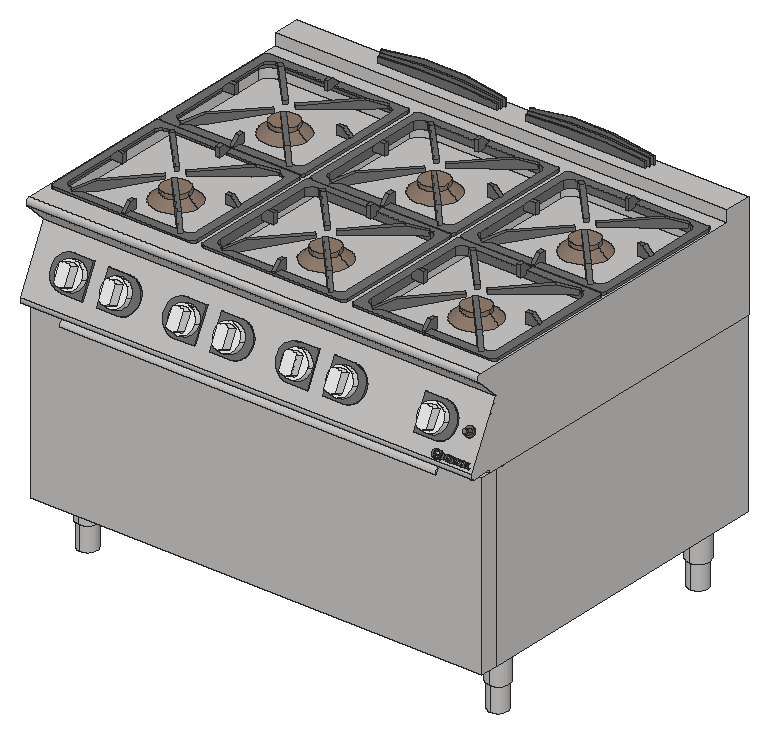
Revit family "QF_GIORIK_CG96EH", category Specialty Equipment, Revit 2014
Parameters (values of type "CG96EH")
  Weight in Pounds = 551.155
  Watts = 9000 W
  Volts = 400 V
  URL Cutsheet = "www.giorik.com"
  URL = "www.giorik.com"
  Status [instance] = ""
  Specification by User [instance] = ""
  Specification by Manufacturer = ""
  Show Logo [instance] = yes
  Show Clearance [instance] = yes
  Serial Number = ""
  Seismic Rating = ""
  SMACNA No = ""
  Revision Code [instance] = ""
  Phase = 3
  Number of Poles [instance] = 3
  NAFEM Spec ID Number = ""
  Model = "CG96EH"
  Min Ckt Ampacity = 0 A
  Mechanical Remarks [instance] = "Natural Gas"
  Mechanical Connection Type [instance] = ""
  Max Overcurrent Protection = 0 A
  Masterspec = ""
  Manufacturer = "GIORIK"
  Item Number [instance] = ""
  Installed By [instance] = ""
  Identify Quantity as Lot [instance] = no
  HP = "12.069180000000"
  Gas Size = 1"
  Gas RI Height [instance] = 0 mm
  Gas KW = 48
  Gas Input = 48000 W
  Gas Connection Height [instance] = 150 mm
  Furnished By [instance] = ""
  Foodservice Equipment Identifier [instance] = yes
  FL Amps = 0 A
  Electrical Remarks [instance] = ""
  Electric Connection Type [instance] = ""
  Elec Conn RI Height [instance] = 0 mm
  Elec Conn Connection Height [instance] = 150 mm
  Description = "6 BURNER GAS RANGE ON MAXI GAS OVEN"
  Cycle = 50 Hz
  Conn Plug = ""
  Conn Conduit [instance] = no
  CSI MasterFormat = ""
  Assembly Code = "E1090320"
  Apparent Power = 9000 VA
Reference planes
  plane 1 "Back": y = 0
  plane 2: z = 0
  plane 3 "Left": x = 0
  plane 4 "Right": x = 1200
  plane 5 "Front": y = -920
  plane 6 "Top": z = 899.988
Forms (mm)
  Extrusion 1, solid
    sketch origin (-16, 358.115, 0) x (1, 0, 0) y (0, 1, 0)
      loop
        line (25, -1086.81) -> (25, -1156.81) -> (115, -1156.81) -> (115, -1086.81) -> (25, -1086.81)
    from 148 to 150
  Revolve 2, solid
    sketch origin (54, 358.115, 0) x (0, 1, 0) y (0, 0, 1)
      loop
        line (-1092.56, 66) -> (-1092.56, 148) -> (-1121.81, 148) -> (-1121.81, 0) -> (-1096.81, 0) -> (-1096.81, 66) -> (-1092.56, 66)
      axis (-1121.81, 0) -> (-1121.81, 148)
    angle from 0 to 360
  Extrusion 3, solid
    sketch origin (-16, 1023.115, 0) x (1, 0, 0) y (0, 1, 0)
      loop
        line (25, -1086.81) -> (25, -1156.81) -> (115, -1156.81) -> (115, -1086.81) -> (25, -1086.81)
    from 148 to 150
  Revolve 4, solid
    sketch origin (54, 1023.115, 0) x (0, 1, 0) y (0, 0, 1)
      loop
        line (-1092.56, 66) -> (-1092.56, 148) -> (-1121.81, 148) -> (-1121.81, 0) -> (-1096.81, 0) -> (-1096.81, 66) -> (-1092.56, 66)
      axis (-1121.81, 0) -> (-1121.81, 148)
    angle from 0 to 360
  Extrusion 5, solid
    sketch origin (-4, -2.717, 130) x (1, 0, 0) y (0, 1, 0)
      loop
        circle (54, -385) r 12.5
    from 0 to 20
  Extrusion 6, solid
    sketch origin (159.325, -432.708, -71.012) x (0, -1, 0) y (0, 0, -1)
      loop
        line (35.989, -935.989) -> (65, -965) -> (79.749, -965) -> (79.749, -935.989) -> (35.989, -935.989)
    from 35.72 to 45.72
  Extrusion 7, solid
    sketch origin (0.046, -427.695, 22.988) x (1, 0, 0) y (0, 1, 0)
      loop
        line (8, -55.002) -> (8, -395.004)
        arc (8, -395.004) -> (10.929, -402.075) -> (18, -405.004) r 10
        line (18, -405.004) -> (382, -405.004)
        arc (382, -405.004) -> (389.071, -402.075) -> (392, -395.004) r 10
        line (392, -395.004) -> (392, -55.002)
        arc (392, -55.002) -> (389.071, -47.931) -> (382, -45.002) r 10
        line (382, -45.002) -> (18, -45.002)
        arc (18, -45.002) -> (10.929, -47.931) -> (8, -55.002) r 10
      loop
        arc (49.954, -67.002) -> (35.812, -72.86) -> (29.954, -87.002) r 20
        line (29.954, -87.002) -> (29.954, -365.004)
        arc (29.954, -365.004) -> (35.812, -379.146) -> (49.954, -385.004) r 20
        line (49.954, -385.004) -> (349.954, -385.004)
        arc (349.954, -385.004) -> (364.097, -379.146) -> (369.954, -365.004) r 20
        line (369.954, -365.004) -> (369.954, -87.002)
        arc (369.954, -87.002) -> (364.097, -72.86) -> (349.954, -67.002) r 20
        line (349.954, -67.002) -> (49.954, -67.002)
    from 831.989 to 851.989
  Extrusion 8, solid
    sketch origin (347.736, -432.53, -2.821) x (-0.670885, -0.741561, 0) y (0, 0, -1)
      loop
        line (239.679, -896.808) -> (239.679, -888.14) -> (57.778, -867.797) -> (36.748, -867.797) -> (36.748, -875.452) -> (95.425, -896.808) -> (239.679, -896.808)
    from 30.148 to 40.148
  Extrusion 9, solid
    sketch origin (52.421, -432.594, -2.821) x (0.670878, -0.741568, 0) y (0, 0, 1)
      loop
        line (239.588, 896.808) -> (95.425, 896.808) -> (36.748, 875.452) -> (36.748, 867.797) -> (57.778, 867.797) -> (239.588, 888.13) -> (239.588, 896.808)
    from 30.148 to 40.148
  Extrusion 10, solid
    sketch origin (347.735, -874.862, -2.821) x (-0.670878, 0.741568, 0) y (0, 0, 1)
      loop
        line (239.679, 896.808) -> (95.425, 896.808) -> (36.748, 875.452) -> (36.748, 867.797) -> (57.778, 867.797) -> (239.679, 888.14) -> (239.679, 896.808)
    from 30.148 to 40.148
  Extrusion 11, solid
    sketch origin (52.356, -874.862, -2.821) x (0.670885, 0.741561, 0) y (0, 0, -1)
      loop
        line (239.679, -896.808) -> (239.679, -888.14) -> (57.778, -867.797) -> (36.748, -867.797) -> (36.748, -875.452) -> (95.425, -896.808) -> (239.679, -896.808)
    from 30.148 to 40.148
  Extrusion 12, solid
    sketch origin (240.72, -872.688, -71.012) x (0, 1, 0) y (0, 0, -1)
      loop
        line (35.989, -935.989) -> (65, -965) -> (79.749, -965) -> (79.749, -935.989) -> (35.989, -935.989)
    from 35.72 to 45.72
  Extrusion 13, solid
    sketch origin (159.325, -512.686, -71.012) x (0, 1, 0) y (0, 0, 1)
      loop
        line (35.989, 935.989) -> (79.749, 935.989) -> (79.749, 965) -> (65, 965) -> (35.989, 935.989)
    from 35.72 to 45.72
  Extrusion 14, solid
    sketch origin (-15.829, -241.978, -71.012) x (1, 0, 0) y (0, 0, 1)
      loop
        line (35.989, 935.989) -> (79.749, 935.989) -> (79.749, 965) -> (65, 965) -> (35.989, 935.989)
    from 35.72 to 45.72
  Extrusion 15, solid
    sketch origin (415.921, -241.978, -71.012) x (-1, 0, 0) y (0, 0, -1)
      loop
        line (35.989, -935.989) -> (65, -965) -> (79.749, -965) -> (79.749, -935.989) -> (35.989, -935.989)
    from 35.72 to 45.72
  Extrusion 16, solid
    sketch origin (0.046, -517.698, 22.988) x (1, 0, 0) y (0, 1, 0)
      loop
        arc (8, 55.002) -> (10.929, 47.931) -> (18, 45.002) r 10
        line (18, 45.002) -> (382, 45.002)
        arc (382, 45.002) -> (389.071, 47.931) -> (392, 55.002) r 10
        line (392, 55.002) -> (392, 395.004)
        arc (392, 395.004) -> (389.071, 402.075) -> (382, 405.004) r 10
        line (382, 405.004) -> (18, 405.004)
        arc (18, 405.004) -> (10.929, 402.075) -> (8, 395.004) r 10
        line (8, 395.004) -> (8, 55.002)
      loop
        line (49.954, 67.002) -> (349.954, 67.002)
        arc (349.954, 67.002) -> (364.097, 72.86) -> (369.954, 87.002) r 20
        line (369.954, 87.002) -> (369.954, 365.004)
        arc (369.954, 365.004) -> (364.097, 379.146) -> (349.954, 385.004) r 20
        line (349.954, 385.004) -> (49.954, 385.004)
        arc (49.954, 385.004) -> (35.812, 379.146) -> (29.954, 365.004) r 20
        line (29.954, 365.004) -> (29.954, 87.002)
        arc (29.954, 87.002) -> (35.812, 72.86) -> (49.954, 67.002) r 20
    from 831.989 to 851.989
  Extrusion 17, solid
    sketch origin (347.736, -512.863, -2.821) x (-0.670885, 0.741561, 0) y (0, 0, 1)
      loop
        line (239.679, 896.808) -> (95.425, 896.808) -> (36.748, 875.452) -> (36.748, 867.797) -> (57.778, 867.797) -> (239.679, 888.14) -> (239.679, 896.808)
    from 30.148 to 40.148
  Extrusion 18, solid
    sketch origin (52.421, -512.799, -2.821) x (0.670878, 0.741568, 0) y (0, 0, -1)
      loop
        line (239.588, -896.808) -> (239.588, -888.13) -> (57.778, -867.797) -> (36.748, -867.797) -> (36.748, -875.452) -> (95.425, -896.808) -> (239.588, -896.808)
    from 30.148 to 40.148
  Extrusion 19, solid
    sketch origin (347.735, -70.532, -2.821) x (-0.670878, -0.741568, 0) y (0, 0, -1)
      loop
        line (239.679, -896.808) -> (239.679, -888.14) -> (57.778, -867.797) -> (36.748, -867.797) -> (36.748, -875.452) -> (95.425, -896.808) -> (239.679, -896.808)
    from 30.148 to 40.148
  Extrusion 20, solid
    sketch origin (52.356, -70.532, -2.821) x (0.670885, -0.741561, 0) y (0, 0, 1)
      loop
        line (239.679, 896.808) -> (95.425, 896.808) -> (36.748, 875.452) -> (36.748, 867.797) -> (57.778, 867.797) -> (239.679, 888.14) -> (239.679, 896.808)
    from 30.148 to 40.148
  Extrusion 21, solid
    sketch origin (240.72, -72.706, -71.012) x (0, -1, 0) y (0, 0, 1)
      loop
        line (35.989, 935.989) -> (79.749, 935.989) -> (79.749, 965) -> (65, 965) -> (35.989, 935.989)
    from 35.72 to 45.72
  Extrusion 22, solid
    sketch origin (-16, 358.115, 0) x (1, 0, 0) y (0, 1, 0)
      loop
        line (25, -1086.81) -> (25, -1156.81) -> (115, -1156.81) -> (115, -1086.81) -> (25, -1086.81)
    from 148 to 150
  Revolve 23, solid
    sketch origin (54, 358.115, 0) x (0, 1, 0) y (0, 0, 1)
      loop
        line (-1092.56, 66) -> (-1092.56, 148) -> (-1121.81, 148) -> (-1121.81, 0) -> (-1096.81, 0) -> (-1096.81, 66) -> (-1092.56, 66)
      axis (-1121.81, 0) -> (-1121.81, 148)
    angle from 0 to 360
  Extrusion 24, solid
    sketch origin (-16, 1023.115, 0) x (1, 0, 0) y (0, 1, 0)
      loop
        line (25, -1086.81) -> (25, -1156.81) -> (115, -1156.81) -> (115, -1086.81) -> (25, -1086.81)
    from 148 to 150
  Revolve 25, solid
    sketch origin (54, 1023.115, 0) x (0, 1, 0) y (0, 0, 1)
      loop
        line (-1092.56, 66) -> (-1092.56, 148) -> (-1121.81, 148) -> (-1121.81, 0) -> (-1096.81, 0) -> (-1096.81, 66) -> (-1092.56, 66)
      axis (-1121.81, 0) -> (-1121.81, 148)
    angle from 0 to 360
  Extrusion 26, void
    sketch origin (0, -2.695, 899.988) x (0, 1, 0) y (-1, 0, 0)
      loop
        arc (-120, -48.046) -> (-128.787, -26.832) -> (-150, -18.046) r 30
        line (-150, -18.046) -> (-790.004, -18.046)
        arc (-790.004, -18.046) -> (-811.217, -26.832) -> (-820.004, -48.046) r 30
        line (-820.004, -48.046) -> (-820.004, -352.046)
        arc (-820.004, -352.046) -> (-811.217, -373.259) -> (-790.004, -382.046) r 30
        line (-790.004, -382.046) -> (-150, -382.046)
        arc (-150, -382.046) -> (-128.787, -373.259) -> (-120, -352.046) r 30
        line (-120, -352.046) -> (-120, -48.046)
    from -30 to -70
  Extrusion 27, solid
    sketch origin (0, -2.695, 599.536) x (1, 0, 0) y (0, 1, 0)
      loop
        line (0, -837.167) -> (40, -837.167) -> (40, -40) -> (1160, -40) -> (1160, -837.167) -> (1200, -837.167) -> (1200, 2.695) -> (0, 2.695) -> (0, -837.167)
    from -449.536 to 20.464
  Extrusion 28, solid
    sketch origin (0, -2.695, 0) x (1, 0, 0) y (0, 1, 0)
      loop
        line (40, -40) -> (40, -837.167) -> (1160, -837.167) -> (1160, -40) -> (40, -40)
    from 150 to 190
  Extrusion 29, solid
    sketch origin (-4, -2.717, 130) x (1, 0, 0) y (0, 1, 0)
      loop
        circle (54, -385) r 12.5
    from 0 to 20
  Extrusion 30, solid
    sketch origin (-15.829, -694.419, -71.012) x (1, 0, 0) y (0, 0, -1)
      loop
        line (35.989, -935.989) -> (65, -965) -> (79.749, -965) -> (79.749, -935.989) -> (35.989, -935.989)
    from 35.72 to 45.72
  Extrusion 31, solid
    sketch origin (415.921, -694.419, -71.012) x (-1, 0, 0) y (0, 0, 1)
      loop
        line (35.989, 935.989) -> (79.749, 935.989) -> (79.749, 965) -> (65, 965) -> (35.989, 935.989)
    from 35.72 to 45.72
  Extrusion 32, solid
    sketch origin (559.325, -432.708, -71.012) x (0, -1, 0) y (0, 0, -1)
      loop
        line (35.989, -935.989) -> (65, -965) -> (79.749, -965) -> (79.749, -935.989) -> (35.989, -935.989)
    from 35.72 to 45.72
  Extrusion 33, solid
    sketch origin (400.046, -427.695, 22.988) x (1, 0, 0) y (0, 1, 0)
      loop
        line (8, -55.002) -> (8, -395.004)
        arc (8, -395.004) -> (10.929, -402.075) -> (18, -405.004) r 10
        line (18, -405.004) -> (382, -405.004)
        arc (382, -405.004) -> (389.071, -402.075) -> (392, -395.004) r 10
        line (392, -395.004) -> (392, -55.002)
        arc (392, -55.002) -> (389.071, -47.931) -> (382, -45.002) r 10
        line (382, -45.002) -> (18, -45.002)
        arc (18, -45.002) -> (10.929, -47.931) -> (8, -55.002) r 10
      loop
        arc (49.954, -67.002) -> (35.812, -72.86) -> (29.954, -87.002) r 20
        line (29.954, -87.002) -> (29.954, -365.004)
        arc (29.954, -365.004) -> (35.812, -379.146) -> (49.954, -385.004) r 20
        line (49.954, -385.004) -> (349.954, -385.004)
        arc (349.954, -385.004) -> (364.097, -379.146) -> (369.954, -365.004) r 20
        line (369.954, -365.004) -> (369.954, -87.002)
        arc (369.954, -87.002) -> (364.097, -72.86) -> (349.954, -67.002) r 20
        line (349.954, -67.002) -> (49.954, -67.002)
    from 831.989 to 851.989
  Extrusion 34, solid
    sketch origin (747.736, -432.53, -2.821) x (-0.670885, -0.741561, 0) y (0, 0, -1)
      loop
        line (239.679, -896.808) -> (239.679, -888.14) -> (57.778, -867.797) -> (36.748, -867.797) -> (36.748, -875.452) -> (95.425, -896.808) -> (239.679, -896.808)
    from 30.148 to 40.148
  Extrusion 35, solid
    sketch origin (452.421, -432.594, -2.821) x (0.670878, -0.741568, 0) y (0, 0, 1)
      loop
        line (239.588, 896.808) -> (95.425, 896.808) -> (36.748, 875.452) -> (36.748, 867.797) -> (57.778, 867.797) -> (239.588, 888.13) -> (239.588, 896.808)
    from 30.148 to 40.148
  Extrusion 36, solid
    sketch origin (747.735, -874.862, -2.821) x (-0.670878, 0.741568, 0) y (0, 0, 1)
      loop
        line (239.679, 896.808) -> (95.425, 896.808) -> (36.748, 875.452) -> (36.748, 867.797) -> (57.778, 867.797) -> (239.679, 888.14) -> (239.679, 896.808)
    from 30.148 to 40.148
  Extrusion 37, solid
    sketch origin (452.356, -874.862, -2.821) x (0.670885, 0.741561, 0) y (0, 0, -1)
      loop
        line (239.679, -896.808) -> (239.679, -888.14) -> (57.778, -867.797) -> (36.748, -867.797) -> (36.748, -875.452) -> (95.425, -896.808) -> (239.679, -896.808)
    from 30.148 to 40.148
  Extrusion 38, solid
    sketch origin (640.72, -872.688, -71.012) x (0, 1, 0) y (0, 0, -1)
      loop
        line (35.989, -935.989) -> (65, -965) -> (79.749, -965) -> (79.749, -935.989) -> (35.989, -935.989)
    from 35.72 to 45.72
  Extrusion 39, solid
    sketch origin (559.325, -512.686, -71.012) x (0, 1, 0) y (0, 0, 1)
      loop
        line (35.989, 935.989) -> (79.749, 935.989) -> (79.749, 965) -> (65, 965) -> (35.989, 935.989)
    from 35.72 to 45.72
  Extrusion 40, solid
    sketch origin (384.171, -241.978, -71.012) x (1, 0, 0) y (0, 0, 1)
      loop
        line (35.989, 935.989) -> (79.749, 935.989) -> (79.749, 965) -> (65, 965) -> (35.989, 935.989)
    from 35.72 to 45.72
  Extrusion 41, solid
    sketch origin (815.921, -241.978, -71.012) x (-1, 0, 0) y (0, 0, -1)
      loop
        line (35.989, -935.989) -> (65, -965) -> (79.749, -965) -> (79.749, -935.989) -> (35.989, -935.989)
    from 35.72 to 45.72
  Extrusion 42, solid
    sketch origin (400.046, -517.698, 22.988) x (1, 0, 0) y (0, 1, 0)
      loop
        arc (8, 55.002) -> (10.929, 47.931) -> (18, 45.002) r 10
        line (18, 45.002) -> (382, 45.002)
        arc (382, 45.002) -> (389.071, 47.931) -> (392, 55.002) r 10
        line (392, 55.002) -> (392, 395.004)
        arc (392, 395.004) -> (389.071, 402.075) -> (382, 405.004) r 10
        line (382, 405.004) -> (18, 405.004)
        arc (18, 405.004) -> (10.929, 402.075) -> (8, 395.004) r 10
        line (8, 395.004) -> (8, 55.002)
      loop
        line (49.954, 67.002) -> (349.954, 67.002)
        arc (349.954, 67.002) -> (364.097, 72.86) -> (369.954, 87.002) r 20
        line (369.954, 87.002) -> (369.954, 365.004)
        arc (369.954, 365.004) -> (364.097, 379.146) -> (349.954, 385.004) r 20
        line (349.954, 385.004) -> (49.954, 385.004)
        arc (49.954, 385.004) -> (35.812, 379.146) -> (29.954, 365.004) r 20
        line (29.954, 365.004) -> (29.954, 87.002)
        arc (29.954, 87.002) -> (35.812, 72.86) -> (49.954, 67.002) r 20
    from 831.989 to 851.989
  Extrusion 43, solid
    sketch origin (747.736, -512.863, -2.821) x (-0.670885, 0.741561, 0) y (0, 0, 1)
      loop
        line (239.679, 896.808) -> (95.425, 896.808) -> (36.748, 875.452) -> (36.748, 867.797) -> (57.778, 867.797) -> (239.679, 888.14) -> (239.679, 896.808)
    from 30.148 to 40.148
  Extrusion 44, solid
    sketch origin (452.421, -512.799, -2.821) x (0.670878, 0.741568, 0) y (0, 0, -1)
      loop
        line (239.588, -896.808) -> (239.588, -888.13) -> (57.778, -867.797) -> (36.748, -867.797) -> (36.748, -875.452) -> (95.425, -896.808) -> (239.588, -896.808)
    from 30.148 to 40.148
  Extrusion 45, solid
    sketch origin (747.735, -70.532, -2.821) x (-0.670878, -0.741568, 0) y (0, 0, -1)
      loop
        line (239.679, -896.808) -> (239.679, -888.14) -> (57.778, -867.797) -> (36.748, -867.797) -> (36.748, -875.452) -> (95.425, -896.808) -> (239.679, -896.808)
    from 30.148 to 40.148
  Extrusion 46, solid
    sketch origin (452.356, -70.532, -2.821) x (0.670885, -0.741561, 0) y (0, 0, 1)
      loop
        line (239.679, 896.808) -> (95.425, 896.808) -> (36.748, 875.452) -> (36.748, 867.797) -> (57.778, 867.797) -> (239.679, 888.14) -> (239.679, 896.808)
    from 30.148 to 40.148
  Extrusion 47, solid
    sketch origin (640.72, -72.706, -71.012) x (0, -1, 0) y (0, 0, 1)
      loop
        line (35.989, 935.989) -> (79.749, 935.989) -> (79.749, 965) -> (65, 965) -> (35.989, 935.989)
    from 35.72 to 45.72
  Extrusion 48, void
    sketch origin (400, -2.695, 899.988) x (0, 1, 0) y (-1, 0, 0)
      loop
        arc (-120, -48.046) -> (-128.787, -26.832) -> (-150, -18.046) r 30
        line (-150, -18.046) -> (-790.004, -18.046)
        arc (-790.004, -18.046) -> (-811.217, -26.832) -> (-820.004, -48.046) r 30
        line (-820.004, -48.046) -> (-820.004, -352.046)
        arc (-820.004, -352.046) -> (-811.217, -373.259) -> (-790.004, -382.046) r 30
        line (-790.004, -382.046) -> (-150, -382.046)
        arc (-150, -382.046) -> (-128.787, -373.259) -> (-120, -352.046) r 30
        line (-120, -352.046) -> (-120, -48.046)
    from -30 to -70
  Extrusion 49, solid
    sketch origin (384.171, -694.419, -71.012) x (1, 0, 0) y (0, 0, -1)
      loop
        line (35.989, -935.989) -> (65, -965) -> (79.749, -965) -> (79.749, -935.989) -> (35.989, -935.989)
    from 35.72 to 45.72
  Extrusion 50, solid
    sketch origin (747.736, -432.53, -2.821) x (-0.670885, -0.741561, 0) y (0, 0, -1)
      loop
        line (239.679, -896.808) -> (239.679, -888.14) -> (57.778, -867.797) -> (36.748, -867.797) -> (36.748, -875.452) -> (95.425, -896.808) -> (239.679, -896.808)
    from 30.148 to 40.148
  Extrusion 51, solid
    sketch origin (959.325, -432.708, -71.012) x (0, -1, 0) y (0, 0, -1)
      loop
        line (35.989, -935.989) -> (65, -965) -> (79.749, -965) -> (79.749, -935.989) -> (35.989, -935.989)
    from 35.72 to 45.72
  Extrusion 52, solid
    sketch origin (800.046, -427.695, 22.988) x (1, 0, 0) y (0, 1, 0)
      loop
        line (8, -55.002) -> (8, -395.004)
        arc (8, -395.004) -> (10.929, -402.075) -> (18, -405.004) r 10
        line (18, -405.004) -> (382, -405.004)
        arc (382, -405.004) -> (389.071, -402.075) -> (392, -395.004) r 10
        line (392, -395.004) -> (392, -55.002)
        arc (392, -55.002) -> (389.071, -47.931) -> (382, -45.002) r 10
        line (382, -45.002) -> (18, -45.002)
        arc (18, -45.002) -> (10.929, -47.931) -> (8, -55.002) r 10
      loop
        arc (49.954, -67.002) -> (35.812, -72.86) -> (29.954, -87.002) r 20
        line (29.954, -87.002) -> (29.954, -365.004)
        arc (29.954, -365.004) -> (35.812, -379.146) -> (49.954, -385.004) r 20
        line (49.954, -385.004) -> (349.954, -385.004)
        arc (349.954, -385.004) -> (364.097, -379.146) -> (369.954, -365.004) r 20
        line (369.954, -365.004) -> (369.954, -87.002)
        arc (369.954, -87.002) -> (364.097, -72.86) -> (349.954, -67.002) r 20
        line (349.954, -67.002) -> (49.954, -67.002)
    from 831.989 to 851.989
  Extrusion 53, solid
    sketch origin (1147.736, -432.53, -2.821) x (-0.670885, -0.741561, 0) y (0, 0, -1)
      loop
        line (239.679, -896.808) -> (239.679, -888.14) -> (57.778, -867.797) -> (36.748, -867.797) -> (36.748, -875.452) -> (95.425, -896.808) -> (239.679, -896.808)
    from 30.148 to 40.148
  Extrusion 54, solid
    sketch origin (852.421, -432.594, -2.821) x (0.670878, -0.741568, 0) y (0, 0, 1)
      loop
        line (239.588, 896.808) -> (95.425, 896.808) -> (36.748, 875.452) -> (36.748, 867.797) -> (57.778, 867.797) -> (239.588, 888.13) -> (239.588, 896.808)
    from 30.148 to 40.148
  Extrusion 55, solid
    sketch origin (1147.735, -874.862, -2.821) x (-0.670878, 0.741568, 0) y (0, 0, 1)
      loop
        line (239.679, 896.808) -> (95.425, 896.808) -> (36.748, 875.452) -> (36.748, 867.797) -> (57.778, 867.797) -> (239.679, 888.14) -> (239.679, 896.808)
    from 30.148 to 40.148
  Extrusion 56, solid
    sketch origin (852.356, -874.862, -2.821) x (0.670885, 0.741561, 0) y (0, 0, -1)
      loop
        line (239.679, -896.808) -> (239.679, -888.14) -> (57.778, -867.797) -> (36.748, -867.797) -> (36.748, -875.452) -> (95.425, -896.808) -> (239.679, -896.808)
    from 30.148 to 40.148
  Extrusion 57, solid
    sketch origin (1040.72, -872.688, -71.012) x (0, 1, 0) y (0, 0, -1)
      loop
        line (35.989, -935.989) -> (65, -965) -> (79.749, -965) -> (79.749, -935.989) -> (35.989, -935.989)
    from 35.72 to 45.72
  Extrusion 58, solid
    sketch origin (959.325, -512.686, -71.012) x (0, 1, 0) y (0, 0, 1)
      loop
        line (35.989, 935.989) -> (79.749, 935.989) -> (79.749, 965) -> (65, 965) -> (35.989, 935.989)
    from 35.72 to 45.72
  Extrusion 59, solid
    sketch origin (784.171, -241.978, -71.012) x (1, 0, 0) y (0, 0, 1)
      loop
        line (35.989, 935.989) -> (79.749, 935.989) -> (79.749, 965) -> (65, 965) -> (35.989, 935.989)
    from 35.72 to 45.72
  Extrusion 60, solid
    sketch origin (1215.921, -241.978, -71.012) x (-1, 0, 0) y (0, 0, -1)
      loop
        line (35.989, -935.989) -> (65, -965) -> (79.749, -965) -> (79.749, -935.989) -> (35.989, -935.989)
    from 35.72 to 45.72
  Extrusion 61, solid
    sketch origin (800.046, -517.698, 22.988) x (1, 0, 0) y (0, 1, 0)
      loop
        arc (8, 55.002) -> (10.929, 47.931) -> (18, 45.002) r 10
        line (18, 45.002) -> (382, 45.002)
        arc (382, 45.002) -> (389.071, 47.931) -> (392, 55.002) r 10
        line (392, 55.002) -> (392, 395.004)
        arc (392, 395.004) -> (389.071, 402.075) -> (382, 405.004) r 10
        line (382, 405.004) -> (18, 405.004)
        arc (18, 405.004) -> (10.929, 402.075) -> (8, 395.004) r 10
        line (8, 395.004) -> (8, 55.002)
      loop
        line (49.954, 67.002) -> (349.954, 67.002)
        arc (349.954, 67.002) -> (364.097, 72.86) -> (369.954, 87.002) r 20
        line (369.954, 87.002) -> (369.954, 365.004)
        arc (369.954, 365.004) -> (364.097, 379.146) -> (349.954, 385.004) r 20
        line (349.954, 385.004) -> (49.954, 385.004)
        arc (49.954, 385.004) -> (35.812, 379.146) -> (29.954, 365.004) r 20
        line (29.954, 365.004) -> (29.954, 87.002)
        arc (29.954, 87.002) -> (35.812, 72.86) -> (49.954, 67.002) r 20
    from 831.989 to 851.989
  Extrusion 62, solid
    sketch origin (1147.736, -512.863, -2.821) x (-0.670885, 0.741561, 0) y (0, 0, 1)
      loop
        line (239.679, 896.808) -> (95.425, 896.808) -> (36.748, 875.452) -> (36.748, 867.797) -> (57.778, 867.797) -> (239.679, 888.14) -> (239.679, 896.808)
    from 30.148 to 40.148
  Extrusion 63, solid
    sketch origin (852.421, -512.799, -2.821) x (0.670878, 0.741568, 0) y (0, 0, -1)
      loop
        line (239.588, -896.808) -> (239.588, -888.13) -> (57.778, -867.797) -> (36.748, -867.797) -> (36.748, -875.452) -> (95.425, -896.808) -> (239.588, -896.808)
    from 30.148 to 40.148
  Extrusion 64, solid
    sketch origin (1147.735, -70.532, -2.821) x (-0.670878, -0.741568, 0) y (0, 0, -1)
      loop
        line (239.679, -896.808) -> (239.679, -888.14) -> (57.778, -867.797) -> (36.748, -867.797) -> (36.748, -875.452) -> (95.425, -896.808) -> (239.679, -896.808)
    from 30.148 to 40.148
  Extrusion 65, solid
    sketch origin (852.356, -70.532, -2.821) x (0.670885, -0.741561, 0) y (0, 0, 1)
      loop
        line (239.679, 896.808) -> (95.425, 896.808) -> (36.748, 875.452) -> (36.748, 867.797) -> (57.778, 867.797) -> (239.679, 888.14) -> (239.679, 896.808)
    from 30.148 to 40.148
  Extrusion 66, solid
    sketch origin (1040.72, -72.706, -71.012) x (0, -1, 0) y (0, 0, 1)
      loop
        line (35.989, 935.989) -> (79.749, 935.989) -> (79.749, 965) -> (65, 965) -> (35.989, 935.989)
    from 35.72 to 45.72
  Extrusion 67, solid
    sketch origin (1076, 358.115, 0) x (1, 0, 0) y (0, 1, 0)
      loop
        line (25, -1086.81) -> (25, -1156.81) -> (115, -1156.81) -> (115, -1086.81) -> (25, -1086.81)
    from 148 to 150
  Revolve 68, solid
    sketch origin (1146, 358.115, 0) x (0, 1, 0) y (0, 0, 1)
      loop
        line (-1092.56, 66) -> (-1092.56, 148) -> (-1121.81, 148) -> (-1121.81, 0) -> (-1096.81, 0) -> (-1096.81, 66) -> (-1092.56, 66)
      axis (-1121.81, 0) -> (-1121.81, 148)
    angle from 0 to 360
  Extrusion 69, solid
    sketch origin (1076, 1023.115, 0) x (1, 0, 0) y (0, 1, 0)
      loop
        line (25, -1086.81) -> (25, -1156.81) -> (115, -1156.81) -> (115, -1086.81) -> (25, -1086.81)
    from 148 to 150
  Revolve 70, solid
    sketch origin (1146, 1023.115, 0) x (0, 1, 0) y (0, 0, 1)
      loop
        line (-1092.56, 66) -> (-1092.56, 148) -> (-1121.81, 148) -> (-1121.81, 0) -> (-1096.81, 0) -> (-1096.81, 66) -> (-1092.56, 66)
      axis (-1121.81, 0) -> (-1121.81, 148)
    angle from 0 to 360
  Extrusion 71, void
    sketch origin (800, -2.695, 899.988) x (0, 1, 0) y (-1, 0, 0)
      loop
        arc (-120, -50.16) -> (-128.787, -28.947) -> (-150, -20.16) r 30
        line (-150, -20.16) -> (-790.004, -20.16)
        arc (-790.004, -20.16) -> (-811.217, -28.947) -> (-820.004, -50.16) r 30
        line (-820.004, -50.16) -> (-820.004, -349.931)
        arc (-820.004, -349.931) -> (-811.217, -371.145) -> (-790.004, -379.931) r 30
        line (-790.004, -379.931) -> (-150, -379.931)
        arc (-150, -379.931) -> (-128.787, -371.145) -> (-120, -349.931) r 30
        line (-120, -349.931) -> (-120, -50.16)
    from -30 to -70
  Extrusion 72, solid
    sketch origin (784.171, -694.419, -71.012) x (1, 0, 0) y (0, 0, -1)
      loop
        line (35.989, -935.989) -> (65, -965) -> (79.749, -965) -> (79.749, -935.989) -> (35.989, -935.989)
    from 35.72 to 45.72
  Extrusion 73, solid
    sketch origin (1215.921, -694.419, -71.012) x (-1, 0, 0) y (0, 0, 1)
      loop
        line (35.989, 935.989) -> (79.749, 935.989) -> (79.749, 965) -> (65, 965) -> (35.989, 935.989)
    from 35.72 to 45.72
  Extrusion 74, solid
    sketch origin (852.421, -512.799, -2.821) x (0.670878, 0.741568, 0) y (0, 0, -1)
      loop
        line (239.588, -896.808) -> (239.588, -888.13) -> (57.778, -867.797) -> (36.748, -867.797) -> (36.748, -875.452) -> (95.425, -896.808) -> (239.588, -896.808)
    from 30.148 to 40.148
  Blend 75, solid
    base sketch origin (0, -377.25, 899.988) x (0, 1, 0) y (-1, 0, 0)
      loop
        circle (-276.449, -200.046) r 60
    top sketch origin (0, -377.25, 899.988) x (0, 1, 0) y (-1, 0, 0)
      loop
        circle (-276.449, -200.046) r 35
    from -70 to -50
  Extrusion 76, solid
    sketch origin (0, -377.25, -30) x (1, 0, 0) y (0, 1, 0)
      loop
        circle (200.046, -276.449) r 35
    from 889.988 to 879.988
  Blend 77, solid
    base sketch origin (0, -15.249, 899.988) x (0, 1, 0) y (-1, 0, 0)
      loop
        circle (-276.449, -200.046) r 60
    top sketch origin (0, -15.249, 899.988) x (0, 1, 0) y (-1, 0, 0)
      loop
        circle (-276.449, -200.046) r 35
    from -70 to -50
  Extrusion 78, solid
    sketch origin (0, -15.249, -30) x (1, 0, 0) y (0, 1, 0)
      loop
        circle (200.046, -276.449) r 35
    from 889.988 to 879.988
  Blend 79, solid
    base sketch origin (399.954, -15.249, 899.988) x (0, 1, 0) y (-1, 0, 0)
      loop
        circle (-276.449, -200.046) r 60
    top sketch origin (399.954, -15.249, 899.988) x (0, 1, 0) y (-1, 0, 0)
      loop
        circle (-276.449, -200.046) r 35
    from -70 to -50
  Extrusion 80, solid
    sketch origin (399.954, -15.249, -30) x (1, 0, 0) y (0, 1, 0)
      loop
        circle (200.046, -276.449) r 35
    from 889.988 to 879.988
  Blend 81, solid
    base sketch origin (799.954, -15.249, 899.988) x (0, 1, 0) y (-1, 0, 0)
      loop
        circle (-276.449, -200.046) r 60
    top sketch origin (799.954, -15.249, 899.988) x (0, 1, 0) y (-1, 0, 0)
      loop
        circle (-276.449, -200.046) r 35
    from -70 to -50
  Extrusion 82, solid
    sketch origin (799.954, -15.249, -30) x (1, 0, 0) y (0, 1, 0)
      loop
        circle (200.046, -276.449) r 35
    from 889.988 to 879.988
  Blend 83, solid
    base sketch origin (799.954, -377.25, 899.988) x (0, 1, 0) y (-1, 0, 0)
      loop
        circle (-276.449, -200.046) r 60
    top sketch origin (799.954, -377.25, 899.988) x (0, 1, 0) y (-1, 0, 0)
      loop
        circle (-276.449, -200.046) r 35
    from -70 to -50
  Extrusion 84, solid
    sketch origin (799.954, -377.25, -30) x (1, 0, 0) y (0, 1, 0)
      loop
        circle (200.046, -276.449) r 35
    from 889.988 to 879.988
  Blend 85, solid
    base sketch origin (399.954, -377.25, 899.988) x (0, 1, 0) y (-1, 0, 0)
      loop
        circle (-276.449, -200.046) r 60
    top sketch origin (399.954, -377.25, 899.988) x (0, 1, 0) y (-1, 0, 0)
      loop
        circle (-276.449, -200.046) r 35
    from -70 to -50
  Extrusion 86, solid
    sketch origin (399.954, -377.25, -30) x (1, 0, 0) y (0, 1, 0)
      loop
        circle (200.046, -276.449) r 35
    from 889.988 to 879.988
  Extrusion 87, solid
    sketch origin (0, 802.832, -20) x (0, 1, 0) y (0, 0, 1)
      loop
        line (-802.832, 919.988) -> (-872.832, 919.988) -> (-872.832, 889.988) -> (-1691.501, 889.988)
        arc (-1691.501, 889.988) -> (-1701.846, 883.075) -> (-1699.419, 870.873) r 11.197
        line (-1699.419, 870.873) -> (-1643.571, 815.025) -> (-1721.643, 661.258)
        arc (-1721.643, 661.258) -> (-1720.928, 650.105) -> (-1710.813, 645.354) r 10.981
        line (-1710.813, 645.354) -> (-1662.695, 649.925) -> (-1662.695, 640) -> (-802.832, 640) -> (-802.832, 919.988)
    from 0 to 1200
  Extrusion 88, solid
    sketch origin (109, -2.695, -10.001) x (1, 0, 0) y (0, 0, 1)
      loop
        line (135, 909.989) -> (453, 909.989) -> (453, 925.527) -> (347.056, 931.749) -> (240.944, 931.749) -> (135, 925.527) -> (135, 909.989)
    from 32 to 35
  Extrusion 89, solid
    sketch origin (111, 7.305, -10.001) x (1, 0, 0) y (0, 0, 1)
      loop
        line (454, 909.989) -> (454, 928.527) -> (346.162, 939.193) -> (237.838, 939.193) -> (130, 928.527) -> (130, 909.989) -> (454, 909.989)
    from 32 to 35
  Extrusion 90, solid
    sketch origin (113, 17.305, -10.001) x (1, 0, 0) y (0, 0, 1)
      loop
        line (455, 909.989) -> (455, 930.527) -> (345.396, 947.413) -> (234.604, 947.413) -> (125, 930.527) -> (125, 909.989) -> (455, 909.989)
    from 32 to 35
  Extrusion 91, solid
    sketch origin (1091, -2.695, -10.001) x (-1, 0, 0) y (0, 0, -1)
      loop
        line (135, -909.989) -> (135, -925.527) -> (240.944, -931.749) -> (347.056, -931.749) -> (453, -925.527) -> (453, -909.989) -> (135, -909.989)
    from 32 to 35
  Extrusion 92, solid
    sketch origin (1089, 7.305, -10.001) x (-1, 0, 0) y (0, 0, -1)
      loop
        line (454, -909.989) -> (130, -909.989) -> (130, -928.527) -> (237.838, -939.193) -> (346.162, -939.193) -> (454, -928.527) -> (454, -909.989)
    from 32 to 35
  Extrusion 93, solid
    sketch origin (1087, 17.305, -10.001) x (-1, 0, 0) y (0, 0, -1)
      loop
        line (455, -909.989) -> (125, -909.989) -> (125, -930.527) -> (234.604, -947.413) -> (345.396, -947.413) -> (455, -930.527) -> (455, -909.989)
    from 32 to 35
  Extrusion 94, solid
    sketch origin (286.779, -1164.375, 51.983) x (1, 0, 0) y (0, 0.452718, 0.891654)
      loop
        line (463.221, 676.25) -> (463.221, 766.25) -> (409.698, 766.25)
        arc (409.698, 766.25) -> (364.698, 721.25) -> (409.698, 676.25) r 45
        line (409.698, 676.25) -> (463.221, 676.25)
    from 48 to 50
  Extrusion 95, solid, visible <- "Show Logo"
    sketch origin (996.604, -937.214, 608.324) x (-1, 0, 0) y (0, 0.452718, 0.891654)
      loop
        line (-118.824, 58.358) -> (-127.804, 58.358) -> (-125.523, 56.445) -> (-125.523, 48.027) -> (-127.804, 46.113) -> (-118.824, 46.113) -> (-121.105, 48.027) -> (-121.105, 56.445) -> (-118.824, 58.358)
      loop
        line (-163.721, 58.358) -> (-172.7, 58.358) -> (-170.42, 56.445) -> (-170.42, 48.027) -> (-172.7, 46.113) -> (-163.721, 46.113) -> (-166.001, 48.027) -> (-166.001, 56.445) -> (-163.721, 58.358)
      loop
        line (-174.332, 58.358) -> (-183.312, 58.358) -> (-181.031, 56.445) -> (-181.031, 52.435) -> (-186.419, 56.955) -> (-184.416, 58.358) -> (-191.268, 58.358) -> (-188.01, 56.839) -> (-185.455, 54.283) -> (-190.846, 47.858) -> (-193.396, 46.93) -> (-193.396, 46.113) -> (-184.416, 46.113) -> (-185.437, 47.571) -> (-182.443, 51.552) -> (-181.031, 50.894) -> (-181.031, 48.027) -> (-183.312, 46.113) -> (-174.332, 46.113) -> (-176.613, 48.027) -> (-176.613, 56.445) -> (-174.332, 58.358)
      loop
        line (-115.429, 62.063) -> (-115.429, 54.198)
        arc (-115.429, 54.198) -> (-111.618, 57.803) -> (-106.847, 59.986) r 16.039
        arc (-106.847, 59.986) -> (-103.314, 59.837) -> (-100.512, 57.68) r 5.851
        arc (-100.512, 57.68) -> (-98.815, 52.267) -> (-100.512, 46.853) r 9.479
        arc (-100.512, 46.853) -> (-102.406, 44.986) -> (-104.846, 43.93) r 7.236
        arc (-104.846, 43.93) -> (-107.728, 44.111) -> (-110.052, 45.825) r 5.11
        line (-110.052, 45.825) -> (-110.052, 52.001) -> (-116.141, 52.001) -> (-116.141, 45.503) -> (-117.893, 43.751) -> (-114.094, 44.769)
        arc (-114.094, 44.769) -> (-112.56, 44.947) -> (-111.129, 44.366) r 3.115
        arc (-111.129, 44.366) -> (-104.216, 42.091) -> (-97.303, 44.366) r 11.641
        arc (-97.303, 44.366) -> (-93.396, 52.107) -> (-97.303, 59.849) r 9.622
        arc (-97.303, 59.849) -> (-104.369, 62.174) -> (-111.435, 59.849) r 11.898
        line (-111.435, 59.849) -> (-115.429, 62.063)
      loop
        arc (-129.234, 56.068) -> (-135.893, 58.628) -> (-142.552, 56.068) r 9.941
        arc (-142.552, 56.068) -> (-144.234, 52.286) -> (-142.552, 48.505) r 5.093
        arc (-142.552, 48.505) -> (-135.893, 45.945) -> (-129.234, 48.505) r 9.941
        arc (-129.234, 48.505) -> (-127.552, 52.286) -> (-129.234, 56.068) r 5.093
      loop
        arc (-132.628, 54.403) -> (-135.893, 57.668) -> (-139.158, 54.403) r 3.265
        line (-139.158, 54.403) -> (-139.158, 50.169)
        arc (-139.158, 50.169) -> (-135.893, 46.904) -> (-132.628, 50.169) r 3.265
        line (-132.628, 50.169) -> (-132.628, 54.403)
      loop
        arc (-156.363, 58.365) -> (-159.647, 55.081) -> (-156.363, 51.796) r 3.285
        line (-156.363, 51.796) -> (-159.529, 47.306) -> (-162.087, 46.113) -> (-155.847, 46.113) -> (-153.529, 51.083) -> (-150.637, 51.083) -> (-150.637, 47.784) -> (-153.022, 46.113) -> (-144.011, 46.113) -> (-146.094, 47.68) -> (-146.094, 56.493) -> (-144.229, 58.365) -> (-156.363, 58.365)
      loop
        line (-150.637, 57.512) -> (-153.637, 57.512)
        arc (-153.637, 57.512) -> (-156.237, 54.912) -> (-153.637, 52.312) r 2.6
        line (-153.637, 52.312) -> (-150.637, 52.312) -> (-150.637, 57.512)
      loop
        line (-108.924, 52.001) -> (-104.936, 49.005) -> (-100.948, 52.001) -> (-108.924, 52.001)
    from 1.5 to -0.5
  Extrusion 96, solid
    sketch origin (1061.331, -1209.726, 74.579) x (-1, 0, 0) y (0, -0.45351, -0.891251)
      loop
        circle (351.331, -721.346) r 35
    from 0 to 15
  Extrusion 97, solid
    sketch origin (1061.331, -1209.726, 74.579) x (-1, 0, 0) y (0, -0.45351, -0.891251)
      loop
        arc (336.331, -743.846) -> (351.331, -748.846) -> (366.331, -743.846) r 25
        line (366.331, -743.846) -> (366.331, -698.846)
        arc (366.331, -698.846) -> (351.331, -693.846) -> (336.331, -698.846) r 25
        line (336.331, -698.846) -> (336.331, -743.846)
    from 15 to 40
  Extrusion 98, solid
    sketch origin (-313.221, -1164.375, 51.983) x (1, 0, 0) y (0, 0.452718, 0.891654)
      loop
        line (463.221, 676.25) -> (463.221, 766.25) -> (409.698, 766.25)
        arc (409.698, 766.25) -> (364.698, 721.25) -> (409.698, 676.25) r 45
        line (409.698, 676.25) -> (463.221, 676.25)
    from 48 to 50
  Extrusion 99, solid
    sketch origin (653.221, -1164.375, 51.983) x (-1, 0, 0) y (0, -0.452718, -0.891654)
      loop
        line (463.221, -676.25) -> (409.698, -676.25)
        arc (409.698, -676.25) -> (364.698, -721.25) -> (409.698, -766.25) r 45
        line (409.698, -766.25) -> (463.221, -766.25) -> (463.221, -676.25)
    from 48 to 50
  Extrusion 100, solid
    sketch origin (-121.331, -1209.726, 74.579) x (1, 0, 0) y (0, 0.45351, 0.891251)
      loop
        circle (351.331, 721.346) r 35
    from 0 to 15
  Extrusion 101, solid
    sketch origin (-121.331, -1209.726, 74.579) x (1, 0, 0) y (0, 0.45351, 0.891251)
      loop
        line (336.331, 743.846) -> (336.331, 698.846)
        arc (336.331, 698.846) -> (351.331, 693.846) -> (366.331, 698.846) r 25
        line (366.331, 698.846) -> (366.331, 743.846)
        arc (366.331, 743.846) -> (351.331, 748.846) -> (336.331, 743.846) r 25
    from 15 to 40
  Extrusion 102, solid
    sketch origin (461.331, -1209.726, 74.579) x (-1, 0, 0) y (0, -0.45351, -0.891251)
      loop
        circle (351.331, -721.346) r 35
    from 0 to 15
  Extrusion 103, solid
    sketch origin (461.331, -1209.726, 74.579) x (-1, 0, 0) y (0, -0.45351, -0.891251)
      loop
        arc (336.331, -743.846) -> (351.331, -748.846) -> (366.331, -743.846) r 25
        line (366.331, -743.846) -> (366.331, -698.846)
        arc (366.331, -698.846) -> (351.331, -693.846) -> (336.331, -698.846) r 25
        line (336.331, -698.846) -> (336.331, -743.846)
    from 15 to 40
  Extrusion 104, solid
    sketch origin (953.221, -1164.375, 51.983) x (-1, 0, 0) y (0, -0.452718, -0.891654)
      loop
        line (463.221, -676.25) -> (409.698, -676.25)
        arc (409.698, -676.25) -> (364.698, -721.25) -> (409.698, -766.25) r 45
        line (409.698, -766.25) -> (463.221, -766.25) -> (463.221, -676.25)
    from 48 to 50
  Extrusion 105, solid
    sketch origin (-13.221, -1164.375, 51.983) x (1, 0, 0) y (0, 0.452718, 0.891654)
      loop
        line (463.221, 676.25) -> (463.221, 766.25) -> (409.698, 766.25)
        arc (409.698, 766.25) -> (364.698, 721.25) -> (409.698, 676.25) r 45
        line (409.698, 676.25) -> (463.221, 676.25)
    from 48 to 50
  Extrusion 106, solid
    sketch origin (761.331, -1209.726, 74.579) x (-1, 0, 0) y (0, -0.45351, -0.891251)
      loop
        circle (351.331, -721.346) r 35
    from 0 to 15
  Extrusion 107, solid
    sketch origin (761.331, -1209.726, 74.579) x (-1, 0, 0) y (0, -0.45351, -0.891251)
      loop
        arc (336.331, -743.846) -> (351.331, -748.846) -> (366.331, -743.846) r 25
        line (366.331, -743.846) -> (366.331, -698.846)
        arc (366.331, -698.846) -> (351.331, -693.846) -> (336.331, -698.846) r 25
        line (336.331, -698.846) -> (336.331, -743.846)
    from 15 to 40
  Extrusion 108, solid
    sketch origin (178.669, -1209.726, 74.579) x (1, 0, 0) y (0, 0.45351, 0.891251)
      loop
        circle (351.331, 721.346) r 35
    from 0 to 15
  Extrusion 109, solid
    sketch origin (178.669, -1209.726, 74.579) x (1, 0, 0) y (0, 0.45351, 0.891251)
      loop
        line (336.331, 743.846) -> (336.331, 698.846)
        arc (336.331, 698.846) -> (351.331, 693.846) -> (366.331, 698.846) r 25
        line (366.331, 698.846) -> (366.331, 743.846)
        arc (366.331, 743.846) -> (351.331, 748.846) -> (336.331, 743.846) r 25
    from 15 to 40
  Extrusion 110, solid
    sketch origin (1253.206, -1164.375, 52.031) x (-1, 0, 0) y (0, -0.452718, -0.891654)
      loop
        line (463.221, -676.25) -> (409.698, -676.25)
        arc (409.698, -676.25) -> (364.698, -721.25) -> (409.698, -766.25) r 45
        line (409.698, -766.25) -> (463.221, -766.25) -> (463.221, -676.25)
    from 48 to 50
  Extrusion 111, solid
    sketch origin (478.654, -1209.726, 74.626) x (1, 0, 0) y (0, 0.45351, 0.891251)
      loop
        circle (351.331, 721.346) r 35
    from 0 to 15
  Extrusion 112, solid
    sketch origin (478.654, -1209.726, 74.626) x (1, 0, 0) y (0, 0.45351, 0.891251)
      loop
        line (336.331, 743.846) -> (336.331, 698.846)
        arc (336.331, 698.846) -> (351.331, 693.846) -> (366.331, 698.846) r 25
        line (366.331, 698.846) -> (366.331, 743.846)
        arc (366.331, 743.846) -> (351.331, 748.846) -> (336.331, 743.846) r 25
    from 15 to 40
  Extrusion 113, solid
    sketch origin (1495.444, -1164.375, 51.578) x (-1, 0, 0) y (0, -0.452718, -0.891654)
      loop
        line (463.221, -676.25) -> (409.698, -676.25)
        arc (409.698, -676.25) -> (364.698, -721.25) -> (409.698, -766.25) r 45
        line (409.698, -766.25) -> (463.221, -766.25) -> (463.221, -676.25)
    from 48 to 50
  Extrusion 114, solid
    sketch origin (720.891, -1209.726, 74.174) x (1, 0, 0) y (0, 0.45351, 0.891251)
      loop
        circle (351.331, 721.346) r 35
    from 0 to 15
  Extrusion 115, solid
    sketch origin (720.891, -1209.726, 74.174) x (1, 0, 0) y (0, 0.45351, 0.891251)
      loop
        line (336.331, 743.846) -> (336.331, 698.846)
        arc (336.331, 698.846) -> (351.331, 693.846) -> (366.331, 698.846) r 25
        line (366.331, 698.846) -> (366.331, 743.846)
        arc (366.331, 743.846) -> (351.331, 748.846) -> (336.331, 743.846) r 25
    from 15 to 40
  Extrusion 116, solid
    sketch origin (1126.798, -1181.549, 69.902) x (1, 0, 0) y (0, 0.452718, 0.891654)
      loop
        circle (38.702, 711.666) r 12.5
    from 25 to 27
  Extrusion 117, solid
    sketch origin (400.59, -1208.531, 76.399) x (1, 0, 0) y (0, 0.452718, 0.891654)
      loop
        circle (764.91, 718.089) r 6
    from 0 to 15
  Extrusion 118, solid
    sketch origin (400.59, -1209.567, 76.925) x (1, 0, 0) y (0, 0.452718, 0.891654)
      loop
        circle (764.91, 718.089) r 6
    from 13.838 to 15.838
  Extrusion 119, solid
    sketch origin (0, -924.862, 0) x (1, 0, 0) y (0, 0, 1)
      loop
        line (0, 620) -> (0, 150) -> (1200, 150) -> (1200, 620) -> (0, 620)
    from -85 to -40
  Extrusion 120, solid
    sketch origin (2.5, -924.862, -20.1) x (0, 1, 0) y (0, 0, 1)
      loop
        arc (25, 640.1) -> (14.393, 635.707) -> (10, 625.1) r 15
        line (10, 625.1) -> (12, 625.1)
        arc (12, 625.1) -> (15.808, 634.292) -> (25, 638.1) r 13
        line (25, 638.1) -> (40, 638.1) -> (40, 640.1) -> (25, 640.1)
    from 97.5 to 1097.5
  Extrusion 121, solid
    sketch origin (0, -2.695, 100) x (0, 1, 0) y (-1, 0, 0)
      loop
        circle (-695, -755) r 10
    from 30 to 50
  Extrusion 122, solid, visible <- "Show Clearance", detail levels coarse
    sketch origin (0, -199.997, 0) x (0, 1, 0) y (0, 0, 1)
      loop
        line (-685, 150) -> (-685, 620)
        arc (-685, 620) -> (-1017.34, 482.34) -> (-1155, 150) r 470
        line (-1155, 150) -> (-685, 150)
    from 0 to 800
  Extrusion 123, solid, visible <- "Show Clearance", detail levels coarse
    sketch origin (1199.952, -924.997, 0) x (-1, 0, 0) y (0, -1, 0)
      loop
        line (0, -40) -> (395, -40)
        arc (395, -40) -> (279.307, 239.307) -> (0, 355) r 395
        line (0, 355) -> (0, -40)
    from 150 to 620
Cuts and joins
  Extrusion 26, Extrusion 48 cuts Extrusion 6
  Extrusion 26, Extrusion 48 cuts Extrusion 7
  Extrusion 26, Extrusion 48 cuts Extrusion 8
  Extrusion 26, Extrusion 48 cuts Extrusion 9
  Extrusion 26, Extrusion 48 cuts Extrusion 10
  Extrusion 26, Extrusion 48 cuts Extrusion 11
  Extrusion 26, Extrusion 48 cuts Extrusion 12
  Extrusion 26, Extrusion 48 cuts Extrusion 13
  Extrusion 26, Extrusion 48 cuts Extrusion 14
  Extrusion 26, Extrusion 48 cuts Extrusion 15
  Extrusion 26, Extrusion 48 cuts Extrusion 16
  Extrusion 26, Extrusion 48 cuts Extrusion 17
  Extrusion 26, Extrusion 48 cuts Extrusion 18
  Extrusion 26, Extrusion 48 cuts Extrusion 19
  Extrusion 26, Extrusion 48 cuts Extrusion 20
  Extrusion 26, Extrusion 48 cuts Extrusion 21
  Extrusion 26, Extrusion 48 cuts Extrusion 30
  Extrusion 26, Extrusion 48 cuts Extrusion 31
  Extrusion 71 cuts Extrusion 32
  Extrusion 71 cuts Extrusion 33
  Extrusion 71 cuts Extrusion 34
  Extrusion 71 cuts Extrusion 35
  Extrusion 71 cuts Extrusion 36
  Extrusion 71 cuts Extrusion 37
  Extrusion 71 cuts Extrusion 38
  Extrusion 71 cuts Extrusion 39
  Extrusion 71 cuts Extrusion 40
  Extrusion 71 cuts Extrusion 41
  Extrusion 71 cuts Extrusion 42
  Extrusion 71 cuts Extrusion 43
  Extrusion 71 cuts Extrusion 44
  Extrusion 71 cuts Extrusion 45
  Extrusion 71 cuts Extrusion 46
  Extrusion 71 cuts Extrusion 47
  Extrusion 71 cuts Extrusion 49
  Extrusion 71 cuts Extrusion 50
  Extrusion 26, Extrusion 48, Extrusion 71 cuts Extrusion 87
Lines and regions (mm)
  symbolic lines, style "200-EquipBorder-2D"
    curve 1: line (0, -920, 899.988) -> (0, -2.695, 899.988)
    curve 135: line (0, 0, 899.988) -> (1200, 0, 899.988)
    curve 136: line (0, -922.695, 899.988) -> (0, 0, 899.988)
    curve 139: line (1200, -920, 899.988) -> (1200, 0, 899.988)
    curve 319: line (1200, -920, 899.988) -> (0, -920, 899.988)
    curve 321: line (95, -928.443, 899.988) -> (95, -920, 899.988)
    curve 322: line (125, -928.443, 899.988) -> (125, -920, 899.988)
    curve 323: line (215, -928.443, 899.988) -> (215, -920, 899.988)
    curve 324: line (245, -928.443, 899.988) -> (245, -920, 899.988)
    curve 325: line (395, -928.443, 899.988) -> (395, -920, 899.988)
    curve 326: line (425, -928.443, 899.988) -> (425, -920, 899.988)
    curve 327: line (515, -928.443, 899.988) -> (515, -920, 899.988)
    curve 328: line (545, -928.443, 899.988) -> (545, -920, 899.988)
    curve 329: line (695, -928.443, 899.988) -> (695, -920, 899.988)
    curve 330: line (725, -928.443, 899.988) -> (725, -920, 899.988)
    curve 331: line (814.986, -928.443, 899.988) -> (814.986, -920, 899.988)
    curve 332: line (844.986, -928.443, 899.988) -> (844.986, -920, 899.988)
    curve 333: arc (844.986, -928.443, 899.988) -> (829.986, -930.72, 899.988) -> (814.986, -928.443, 899.988) r 50.542
    curve 334: arc (695, -928.443, 899.988) -> (710, -930.63, 899.988) -> (725, -928.443, 899.988) r 52.527
    curve 335: arc (1057.223, -928.443, 899.988) -> (1072.223, -930.958, 899.988) -> (1087.223, -928.443, 899.988) r 45.994
    curve 336: line (1087.223, -928.443, 899.988) -> (1087.223, -920, 899.988)
    curve 337: line (1057.223, -928.443, 899.988) -> (1057.223, -920, 899.988)
    curve 338: arc (545, -928.443, 899.988) -> (530, -930.729, 899.988) -> (515, -928.443, 899.988) r 50.364
    curve 339: arc (425, -928.443, 899.988) -> (410, -930.647, 899.988) -> (395, -928.443, 899.988) r 52.158
    curve 340: arc (215, -928.443, 899.988) -> (230, -930.851, 899.988) -> (245, -928.443, 899.988) r 47.926
    curve 341: arc (95, -928.443, 899.988) -> (110, -930.891, 899.988) -> (125, -928.443, 899.988) r 47.19
  symbolic lines, style "200-EquipInternal-2D"
    curve 2: line (67.949, -450.697, 899.988) -> (190.798, -314.903, 899.988)
    curve 3: line (183.382, -308.194, 899.988) -> (54.464, -450.697, 899.988)
    curve 4: line (190.798, -314.903, 899.988) -> (183.382, -308.194, 899.988)
    curve 5: line (183.381, -275.203, 899.988) -> (190.796, -268.494, 899.988)
    curve 6: line (54.455, -132.695, 899.988) -> (183.381, -275.203, 899.988)
    curve 7: line (190.796, -268.494, 899.988) -> (67.94, -132.695, 899.988)
    curve 8: line (332.152, -132.695, 899.988) -> (209.296, -268.496, 899.988)
    curve 9: line (209.296, -268.496, 899.988) -> (216.712, -275.204, 899.988)
    curve 10: line (216.712, -275.204, 899.988) -> (345.637, -132.695, 899.988)
    curve 11: line (216.711, -308.192, 899.988) -> (209.295, -314.901, 899.988)
    curve 12: line (209.295, -314.901, 899.988) -> (332.148, -450.697, 899.988)
    curve 13: line (345.633, -450.697, 899.988) -> (216.711, -308.192, 899.988)
    curve 14: line (336.172, -277.698, 899.988) -> (336.172, -287.698, 899.988)
    curve 15: line (336.172, -287.698, 899.988) -> (370, -287.698, 899.988)
    curve 16: line (370, -277.698, 899.988) -> (336.172, -277.698, 899.988)
    curve 17: line (195, -152.454, 899.988) -> (205, -152.454, 899.988)
    curve 18: line (205, -152.454, 899.988) -> (205, -132.695, 899.988)
    curve 19: line (195, -132.695, 899.988) -> (195, -152.454, 899.988)
    curve 20: line (63.919, -277.698, 899.988) -> (30, -277.698, 899.988)
    curve 21: line (30, -287.698, 899.988) -> (63.919, -287.698, 899.988)
    curve 22: line (63.919, -287.698, 899.988) -> (63.919, -277.698, 899.988)
    curve 23: line (392.046, -462.697, 899.988) -> (392.046, -122.695, 899.988)
    curve 24: arc (392.046, -122.695, 899.988) -> (389.117, -115.624, 899.988) -> (382.046, -112.695, 899.988) r 10
    curve 25: line (382.046, -112.695, 899.988) -> (18.046, -112.695, 899.988)
    curve 26: line (50, -132.695, 899.988) -> (350, -132.695, 899.988)
    curve 27: arc (350, -132.695, 899.988) -> (364.142, -138.553, 899.988) -> (370, -152.695, 899.988) r 20
    curve 28: line (370, -152.695, 899.988) -> (370, -430.697, 899.988)
    curve 29: line (8.046, -122.695, 899.988) -> (8.046, -462.697, 899.988)
    curve 30: arc (18.046, -112.695, 899.988) -> (10.975, -115.624, 899.988) -> (8.046, -122.695, 899.988) r 10
    curve 31: line (30, -430.697, 899.988) -> (30, -152.695, 899.988)
    curve 32: arc (30, -152.695, 899.988) -> (35.858, -138.553, 899.988) -> (50, -132.695, 899.988) r 20
    curve 33: arc (8.046, -462.697, 899.988) -> (10.975, -469.768, 899.988) -> (18.046, -472.697, 899.988) r 10
    curve 34: line (18.046, -472.697, 899.988) -> (382.046, -472.697, 899.988)
    curve 35: line (350, -450.697, 899.988) -> (50, -450.697, 899.988)
    curve 36: arc (50, -450.697, 899.988) -> (35.858, -444.839, 899.988) -> (30, -430.697, 899.988) r 20
    curve 37: arc (370, -430.697, 899.988) -> (364.142, -444.839, 899.988) -> (350, -450.697, 899.988) r 20
    curve 38: arc (382.046, -472.697, 899.988) -> (389.117, -469.768, 899.988) -> (392.046, -462.697, 899.988) r 10
    curve 39: arc (392.046, -482.697, 899.988) -> (389.117, -475.626, 899.988) -> (382.046, -472.697, 899.988) r 10
    curve 40: line (392.046, -822.699, 899.988) -> (392.046, -482.697, 899.988)
    curve 41: arc (350, -494.697, 899.988) -> (364.142, -500.555, 899.988) -> (370, -514.697, 899.988) r 20
    curve 42: line (50, -494.697, 899.988) -> (350, -494.697, 899.988)
    curve 43: line (370, -514.697, 899.988) -> (370, -792.699, 899.988)
    curve 44: arc (370, -792.699, 899.988) -> (364.142, -806.841, 899.988) -> (350, -812.699, 899.988) r 20
    curve 45: line (350, -812.699, 899.988) -> (50, -812.699, 899.988)
    curve 46: line (18.046, -832.699, 899.988) -> (382.046, -832.699, 899.988)
    curve 47: arc (382.046, -832.699, 899.988) -> (389.117, -829.77, 899.988) -> (392.046, -822.699, 899.988) r 10
    curve 48: arc (18.046, -472.697, 899.988) -> (10.975, -475.626, 899.988) -> (8.046, -482.697, 899.988) r 10
    curve 49: line (8.046, -482.697, 899.988) -> (8.046, -822.699, 899.988)
    curve 50: arc (30, -514.697, 899.988) -> (35.858, -500.555, 899.988) -> (50, -494.697, 899.988) r 20
    curve 51: arc (50, -812.699, 899.988) -> (35.858, -806.841, 899.988) -> (30, -792.699, 899.988) r 20
    curve 52: arc (8.046, -822.699, 899.988) -> (10.975, -829.77, 899.988) -> (18.046, -832.699, 899.988) r 10
    curve 53: line (195, -792.939, 899.988) -> (195, -812.699, 899.988)
    curve 54: line (205, -812.699, 899.988) -> (205, -792.939, 899.988)
    curve 55: line (205, -792.939, 899.988) -> (195, -792.939, 899.988)
    curve 56: line (183.381, -670.19, 899.988) -> (54.455, -812.699, 899.988)
    curve 57: line (67.94, -812.699, 899.988) -> (190.796, -676.899, 899.988)
    curve 58: line (190.796, -676.899, 899.988) -> (183.381, -670.19, 899.988)
    curve 59: line (190.798, -630.491, 899.988) -> (67.949, -494.697, 899.988)
    curve 60: line (54.464, -494.697, 899.988) -> (183.382, -637.199, 899.988)
    curve 61: line (183.382, -637.199, 899.988) -> (190.798, -630.491, 899.988)
    curve 62: line (209.295, -630.492, 899.988) -> (216.711, -637.201, 899.988)
    curve 63: line (216.711, -637.201, 899.988) -> (345.633, -494.697, 899.988)
    curve 64: line (332.148, -494.697, 899.988) -> (209.295, -630.492, 899.988)
    curve 65: line (216.712, -670.189, 899.988) -> (209.296, -676.898, 899.988)
    curve 66: line (209.296, -676.898, 899.988) -> (332.152, -812.699, 899.988)
    curve 67: line (345.637, -812.699, 899.988) -> (216.712, -670.189, 899.988)
    curve 68: line (467.949, -450.697, 899.988) -> (590.798, -314.903, 899.988)
    curve 69: line (583.382, -308.194, 899.988) -> (454.464, -450.697, 899.988)
    curve 70: line (590.798, -314.903, 899.988) -> (583.382, -308.194, 899.988)
    curve 71: line (583.381, -275.203, 899.988) -> (590.796, -268.494, 899.988)
    curve 72: line (454.455, -132.695, 899.988) -> (583.381, -275.203, 899.988)
    curve 73: line (590.796, -268.494, 899.988) -> (467.94, -132.695, 899.988)
    curve 74: line (732.152, -132.695, 899.988) -> (609.296, -268.496, 899.988)
    curve 75: line (609.296, -268.496, 899.988) -> (616.712, -275.204, 899.988)
    curve 76: line (616.712, -275.204, 899.988) -> (745.637, -132.695, 899.988)
    curve 77: line (616.711, -308.192, 899.988) -> (609.295, -314.901, 899.988)
    curve 78: line (609.295, -314.901, 899.988) -> (732.146, -450.697, 899.988)
    curve 79: line (745.633, -450.697, 899.988) -> (616.711, -308.192, 899.988)
    curve 80: line (736.172, -277.698, 899.988) -> (736.172, -287.698, 899.988)
    curve 81: line (736.172, -287.698, 899.988) -> (770, -287.698, 899.988)
    curve 82: line (770, -277.698, 899.988) -> (736.172, -277.698, 899.988)
    curve 83: line (595, -152.454, 899.988) -> (605, -152.454, 899.988)
    curve 84: line (605, -152.454, 899.988) -> (605, -132.695, 899.988)
    curve 85: line (595, -132.695, 899.988) -> (595, -152.454, 899.988)
    curve 86: line (463.919, -277.698, 899.988) -> (430, -277.698, 899.988)
    curve 87: line (430, -287.698, 899.988) -> (463.919, -287.698, 899.988)
    curve 88: line (463.919, -287.698, 899.988) -> (463.919, -277.698, 899.988)
    curve 89: line (792.046, -462.697, 899.988) -> (792.046, -122.695, 899.988)
    curve 90: arc (792.046, -122.695, 899.988) -> (789.117, -115.624, 899.988) -> (782.046, -112.695, 899.988) r 10
    curve 91: line (782.046, -112.695, 899.988) -> (418.046, -112.695, 899.988)
    curve 92: line (450, -132.695, 899.988) -> (750, -132.695, 899.988)
    curve 93: arc (750, -132.695, 899.988) -> (764.142, -138.553, 899.988) -> (770, -152.695, 899.988) r 20
    curve 94: line (770, -152.695, 899.988) -> (770, -430.697, 899.988)
    curve 95: line (408.046, -122.695, 899.988) -> (408.046, -462.697, 899.988)
    curve 96: arc (418.046, -112.695, 899.988) -> (410.975, -115.624, 899.988) -> (408.046, -122.695, 899.988) r 10
    curve 97: line (430, -430.697, 899.988) -> (430, -152.695, 899.988)
    curve 98: arc (430, -152.695, 899.988) -> (435.858, -138.553, 899.988) -> (450, -132.695, 899.988) r 20
    curve 99: arc (408.046, -462.697, 899.988) -> (410.975, -469.768, 899.988) -> (418.046, -472.697, 899.988) r 10
    curve 100: line (418.046, -472.697, 899.988) -> (782.046, -472.697, 899.988)
    curve 101: line (750, -450.697, 899.988) -> (450, -450.697, 899.988)
    curve 102: arc (450, -450.697, 899.988) -> (435.858, -444.839, 899.988) -> (430, -430.697, 899.988) r 20
    curve 103: arc (770, -430.697, 899.988) -> (764.142, -444.839, 899.988) -> (750, -450.697, 899.988) r 20
    curve 104: arc (782.046, -472.697, 899.988) -> (789.117, -469.768, 899.988) -> (792.046, -462.697, 899.988) r 10
    curve 105: arc (792.046, -482.697, 899.988) -> (789.117, -475.626, 899.988) -> (782.046, -472.697, 899.988) r 10
    curve 106: line (792.046, -822.699, 899.988) -> (792.046, -482.697, 899.988)
    curve 107: arc (750, -494.697, 899.988) -> (764.142, -500.555, 899.988) -> (770, -514.697, 899.988) r 20
